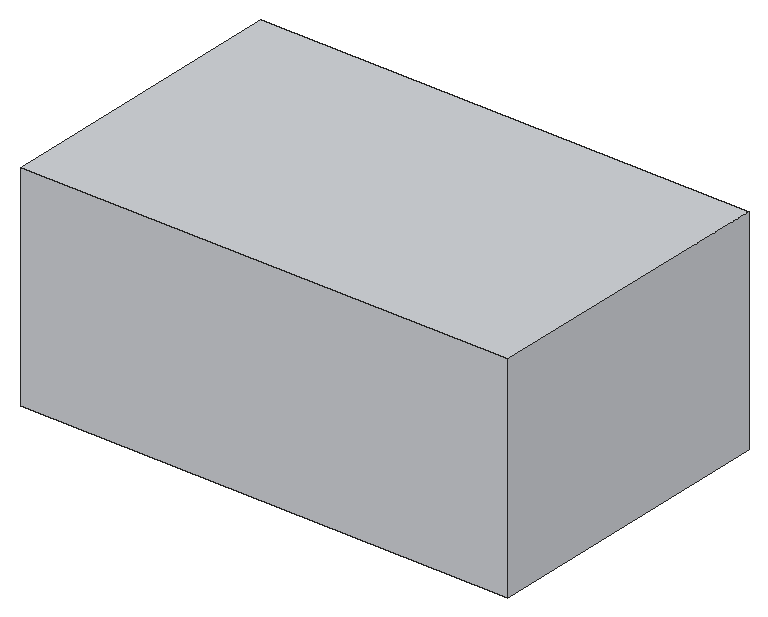
Revit family "4efd30293af84c46bc73b5485b04979c", category Conduit Fittings, Revit 2021
Family settings
  Round Connector Dimension = Use Radius
  Part Type = Multi Port
  OmniClass Number = 23.80.30.17.11
  OmniClass Title = Conduits
  Work Plane-Based = No
  Always vertical = Yes
  Cut with Voids When Loaded = No
  Shared = No
Parameters (values of type "Single Gang")
  Outside Width = 2 13/16"
  Width [instance] = if(not(Max Nominal Diameter 123 > 0' 1"), Outside Width, 6 * Max Nominal Diameter 123)  # 2 13/16"
  Nominal Radius 3 [instance] = 1/4"
  Nominal Radius 2 [instance] = 1/4"
  Nominal Radius 1 [instance] = 1/4"
  Nominal Diameter 3 [instance] = Nominal Radius 3 * 2  # 1/2"
  Nominal Diameter 2 [instance] = Nominal Radius 2 * 2  # 1/2"
  Nominal Diameter 1 [instance] = Nominal Radius 1 * 2  # 1/2"
  Max Nominal Diameter 123 [instance] = if(Max Nominal Diameter 12 > Nominal Diameter 3, Max Nominal Diameter 12, Nominal Diameter 3)  # 1/2"
  Max Nominal Diameter 12 [instance] = if(Nominal Diameter 1 > Nominal Diameter 2, Nominal Diameter 1, Nominal Diameter 2)  # 1/2"
  Length [instance] = if(not(Max Nominal Diameter 123 > 0' 1"), 0' 4 9/16", 8 * Max Nominal Diameter 123)  # 4 9/16"
  Outside Height = 2"
  Height [instance] = if(not(Max Nominal Diameter 123 > 0' 1"), Outside Height, if(Max Nominal Diameter 123 < 0' 6", 0' 6", Max Nominal Diameter 123 * 1.2))  # 2"
  Default Elevation = 0' - 0"
Types (3): name | Outside Width | Width | Outside Height | Height
  (no name) | 2 13/16" | 2 13/16" | 2" | 2"
  Single Gang | 2 13/16" | 2 13/16" | 2" | 2"
  Double Gang | 4 5/8" | 4 5/8" | 2 1/16" | 2 1/16"
Reference planes (in)
  plane 1 "Center (Front/Back)": y = 0
  plane 2: z = 0
  plane 3 "Center (Left/Right)": x = 0
  plane 4: y = 1.40625
  plane 5: y = -1.40625
  plane 6: x = 4.5625
  plane 7: z = -1
  plane 8: z = 1
Forms (in)
  Extrusion 1, solid
    sketch origin (0, 0, 0) x (1, 0, 0) y (0, 1, 0)
      loop
        line (0, 1.40625) -> (0, -1.40625) -> (4.5625, -1.40625) -> (4.5625, 1.40625) -> (0, 1.40625)
    from -1 to 1
Dimensions and locks (in)
  equal spacing: plane 4, plane 1 "Center (Front/Back)", plane 5
  "Width": plane 4 to plane 5
  equal spacing: plane 8, plane 2, plane 7
  locked: level to plane 2
  "Height": plane 8 to plane 7
  "Length": plane 3 "Center (Left/Right)" to plane 6
  aligned and locked: Extrusion 1 sketch curve to plane 4
  aligned and locked: plane 5 to Extrusion 1 sketch curve
  aligned and locked: Extrusion 1 sketch curve to plane 6
  aligned: Extrusion 1 to plane 2
  aligned and locked: Extrusion 1 to plane 7
  aligned and locked: plane 8 to Extrusion 1
  aligned and locked: Extrusion 1 to plane 3 "Center (Left/Right)"
Automatic sketch dimensions
  plane 3 "Center (Left/Right)" to Extrusion 1 sketch curve = 0' - 0"
Connectors (in)
  cabletrayconduit at (0, 0, 0), diameter 0.5, driven by "Nominal Radius 1"
    settings: on Extrusion 1, index 1, connector width 1' - 0", connector height 1' - 0", connector angle 0.00°, system type 32, placement type 0, profile type 0, connector reference index 2, is primary connector yes, connector utility param no, connector description ""
  cabletrayconduit at (4.5625, 0, 0), diameter 0.5, driven by "Nominal Radius 2"
    settings: on Extrusion 1, index 2, connector width 1' - 0", connector height 1' - 0", connector angle 0.00°, system type 32, placement type 0, profile type 0, connector reference index 1, is primary connector no, connector utility param no, connector description ""
  cabletrayconduit at (2.28125, 0, -1), diameter 0.5, driven by "Nominal Radius 3"
    settings: on Extrusion 1, index 3, connector width 1' - 0", connector height 1' - 0", connector angle 0.00°, system type 32, placement type 0, profile type 0, connector reference index -1, is primary connector no, connector utility param no, connector description ""
